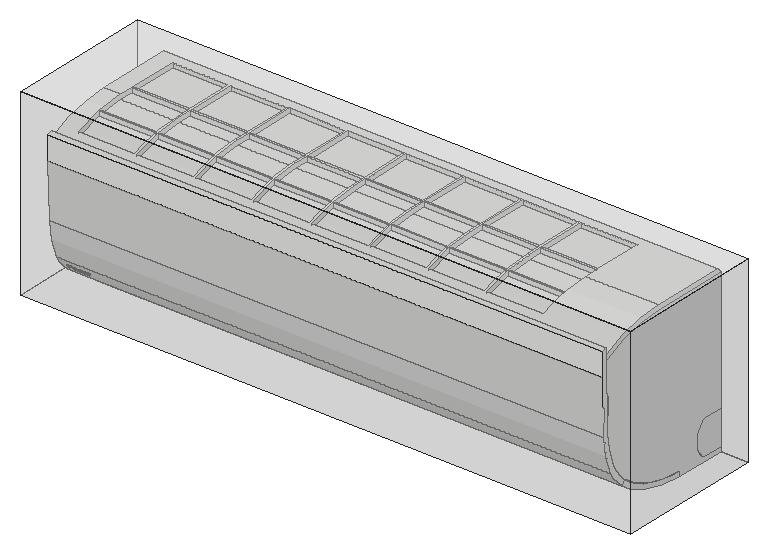
Revit family "outputfile", category 機械設備, Revit 2024 (continued)
Definition of nested family "DAIKIN_indoorunit_FTXF-W2VMA"
  Automatic sketch dimensions
    Extrusion 21 sketch curve to Extrusion 21 sketch curve = 0.483 mm
    Extrusion 21 sketch curve to Extrusion 21 sketch curve = 4.137 mm
    Extrusion 21 sketch curve to Extrusion 21 sketch curve = 31.393 mm
    Extrusion 21 sketch curve to Extrusion 21 sketch curve = 9.215 mm
    Extrusion 21 sketch curve to level = 8.0 mm
    Extrusion 22 sketch curve to plane 1 "Center (Front/Back)" = 0.0 mm
    Extrusion 22 sketch curve to Extrusion 22 sketch curve = 20.0 mm  (x2)
    Extrusion 22 sketch curve to level = 287.035 mm
    Extrusion 23 sketch curve to plane 1 "Center (Front/Back)" = 0.0 mm
    Extrusion 23 sketch curve to Extrusion 23 sketch curve = 20.0 mm  (x2)
    Extrusion 23 sketch curve to level = 287.035 mm
    plane 1 "Center (Front/Back)" to Extrusion 24 sketch curve = 0.0 mm  (x2)
    plane 3 "Center (Left/Right)" to Extrusion 24 sketch curve = 469.0 mm
    Extrusion 24 sketch curve to Extrusion 24 sketch curve = 20.0 mm  (x4)
    Extrusion 24 sketch curve to plane 3 "Center (Left/Right)" = 409.0 mm
  Nested families
    nested 1: "daikin_logo_plane_w40" at (-320, -198.871, -233.244) x (1, 0, 0) z (0, -0.7841, -0.6206), visible <- "switch_unit1_20-50", type "daikin_logo_plane_w40"
      with show_logo yes
    nested 2: "daikin_logo_plane_w40" at (-430, -237.74, -233.244) x (1, 0, 0) z (0, -0.7841, -0.6206), visible <- "switch_unit1_60-71", type "daikin_logo_plane_w40"
      with show_logo yes
  Definition of nested family "daikin_logo_plane_w40"
    Parameters (values of type "daikin_logo_plane_w40")
      width = 40.0 mm
      show_logo [instance] = yes
      material = none
      height = 0.0 mm
      depth = 0.0 mm
      Default Elevation = 1219.2 mm
    Reference planes
      plane 1 "Center (Front/Back)": y = 0
      plane 2: z = 0
      plane 3 "Center (Left/Right)": x = 0
      plane 4: z = 2
      plane 5 "left": x = -19
      plane 6: x = 19
    Forms (mm)
      Extrusion 1, solid, visible <- "show_logo"
        sketch origin (-19, 0, 0) x (1, 0, 0) y (0, 1, 0)
          loop
            line (8.902, -1.878) -> (7.789, -6.332) -> (11.13, -6.332)
            arc (11.13, -6.332) -> (12.454, -6.064) -> (13.472, -5.176) r 2.642
            arc (13.472, -5.176) -> (13.92, -4.02) -> (13.767, -2.79) r 2.537
            arc (13.767, -2.79) -> (13.452, -2.342) -> (12.982, -2.06) r 1.321
            arc (12.982, -2.06) -> (12.063, -1.902) -> (11.13, -1.878) r 6.479
            line (11.13, -1.878) -> (8.902, -1.878)
          loop
            line (10.016, -5.441) -> (10.907, -5.441)
            arc (10.907, -5.441) -> (11.591, -4.983) -> (11.988, -4.261) r 1.742
            spline (11.988, -4.261) -> (12.01, -4.155) -> (12.027, -4.03) -> (12.037, -3.893) -> (12.037, -3.747) -> (12.026, -3.598) -> (12.002, -3.451) -> (11.962, -3.31) -> (11.905, -3.181) -> (11.829, -3.069) -> (11.731, -2.978) -> (11.61, -2.913) -> (11.464, -2.88)
            line (11.464, -2.88) -> (10.573, -2.88) -> (10.016, -5.441)
          loop
            line (13.58, -6.332) -> (14.805, -6.332) -> (15.223, -5.553) -> (16.977, -5.553) -> (17.144, -6.332) -> (19.149, -6.332) -> (18.258, -1.878) -> (16.03, -1.878) -> (13.58, -6.332)
          loop
            line (16.476, -3.214) -> (15.76, -4.551) -> (16.762, -4.551) -> (16.476, -3.214)
          loop
            line (19.705, -6.332) -> (21.599, -6.332) -> (22.712, -1.878) -> (20.819, -1.878) -> (19.705, -6.332)
          loop
            line (22.712, -6.332) -> (24.606, -6.332) -> (24.908, -5.122) -> (25.831, -6.332) -> (28.17, -6.332) -> (26.388, -3.994) -> (28.949, -1.878) -> (26.945, -1.878) -> (25.401, -3.153) -> (25.719, -1.878) -> (23.826, -1.878) -> (22.712, -6.332)
          loop
            line (29.84, -1.878) -> (28.615, -6.332) -> (30.62, -6.332) -> (31.734, -1.878) -> (29.84, -1.878)
          loop
            line (31.734, -6.332) -> (33.07, -6.332) -> (33.7, -3.814) -> (34.518, -6.332) -> (36.745, -6.332) -> (37.859, -1.878) -> (36.523, -1.878) -> (35.845, -4.589) -> (34.963, -1.878) -> (32.847, -1.878) -> (31.734, -6.332)
        from 0 to 2
      Extrusion 2, solid, visible <- "show_logo"
        sketch origin (-19, 0, 0) x (1, 0, 0) y (0, 1, 0)
          loop
            line (8.7, 0) -> (4.235, 0) -> (0, -3.879) -> (0, -8) -> (8.7, 0)
        from 0 to 2
      Extrusion 3, solid, visible <- "show_logo"
        sketch origin (-19, 0, 0) x (1, 0, 0) y (0, 1, 0)
          loop
            line (0, 0) -> (0, -3.879) -> (4.235, 0) -> (0, 0)
        from 0 to 2
    Dimensions and locks
      plane 4 to plane 2 = 2.0 mm
      equal spacing: plane 5 "left", plane 3 "Center (Left/Right)", plane 6
      locked: plane 5 "left" to plane 6 at 38
      aligned and locked: level to plane 2
      aligned and locked: Extrusion 3 to plane 1 "Center (Front/Back)"  (x2)
      aligned and locked: Extrusion 2 to plane 1 "Center (Front/Back)"  (x2)
      aligned and locked: plane 4 to Extrusion 1
      aligned and locked: plane 4 to Extrusion 3
      aligned and locked: plane 4 to Extrusion 2
      aligned and locked: Extrusion 3 to plane 5 "left"
      aligned and locked: Extrusion 2 to plane 5 "left"
    Automatic sketch dimensions
      Extrusion 1 sketch curve to Extrusion 1 sketch curve = 0.901 mm
      Extrusion 1 sketch curve to Extrusion 1 sketch curve = 1.559 mm
      Extrusion 1 sketch curve to Extrusion 1 sketch curve = 1.327 mm
      Extrusion 1 sketch curve to Extrusion 1 sketch curve = 2.145 mm
      Extrusion 1 sketch curve to Extrusion 1 sketch curve = 1.448 mm
      Extrusion 1 sketch curve to Extrusion 1 sketch curve = 2.116 mm
      Extrusion 1 sketch curve to Extrusion 1 sketch curve = 1.114 mm  (x4)
      Extrusion 1 sketch curve to Extrusion 1 sketch curve = 1.336 mm  (x2)
      plane 1 "Center (Front/Back)" to Extrusion 1 sketch curve = 1.878 mm  (x5)
      Extrusion 1 sketch curve to Extrusion 1 sketch curve = 1.893 mm  (x5)
      Extrusion 1 sketch curve to Extrusion 1 sketch curve = 0.891 mm  (x4)
      Extrusion 1 sketch curve to Extrusion 1 sketch curve = 2.005 mm  (x3)
      Extrusion 1 sketch curve to Extrusion 1 sketch curve = 0.445 mm  (x2)
      plane 1 "Center (Front/Back)" to Extrusion 1 sketch curve = 3.994 mm
      Extrusion 1 sketch curve to Extrusion 1 sketch curve = 0.557 mm  (x2)
      Extrusion 1 sketch curve to Extrusion 1 sketch curve = 2.339 mm  (x2)
      Extrusion 1 sketch curve to Extrusion 1 sketch curve = 1.225 mm  (x3)
      plane 1 "Center (Front/Back)" to Extrusion 1 sketch curve = 3.153 mm
      Extrusion 1 sketch curve to Extrusion 1 sketch curve = 0.987 mm
      plane 1 "Center (Front/Back)" to Extrusion 1 sketch curve = 5.122 mm
      Extrusion 1 sketch curve to Extrusion 1 sketch curve = 0.922 mm
      plane 1 "Center (Front/Back)" to Extrusion 1 sketch curve = 6.332 mm
      Extrusion 1 sketch curve to Extrusion 1 sketch curve = 2.562 mm
      plane 1 "Center (Front/Back)" to Extrusion 1 sketch curve = 5.553 mm
      Extrusion 1 sketch curve to Extrusion 1 sketch curve = 0.167 mm
      Extrusion 1 sketch curve to Extrusion 1 sketch curve = 0.215 mm
      plane 1 "Center (Front/Back)" to Extrusion 1 sketch curve = 3.214 mm
      Extrusion 1 sketch curve to Extrusion 1 sketch curve = 0.286 mm
      plane 1 "Center (Front/Back)" to Extrusion 1 sketch curve = 4.551 mm
      Extrusion 1 sketch curve to Extrusion 1 sketch curve = 1.002 mm
      Extrusion 1 sketch curve to Extrusion 1 sketch curve = 0.537 mm
      Extrusion 1 sketch curve to Extrusion 1 sketch curve = 0.418 mm
      Extrusion 1 sketch curve to Extrusion 1 sketch curve = 1.028 mm
      plane 1 "Center (Front/Back)" to Extrusion 1 sketch curve = 4.261 mm
      Extrusion 1 sketch curve to Extrusion 1 sketch curve = 0.563 mm
      plane 1 "Center (Front/Back)" to Extrusion 1 sketch curve = 2.88 mm
      Extrusion 1 sketch curve to Extrusion 1 sketch curve = 1.088 mm
      Extrusion 1 sketch curve to Extrusion 1 sketch curve = 2.152 mm
      Extrusion 1 sketch curve to Extrusion 1 sketch curve = 0.586 mm
      Extrusion 1 sketch curve to Extrusion 1 sketch curve = 0.118 mm
      Extrusion 1 sketch curve to Extrusion 1 sketch curve = 0.298 mm
      Extrusion 1 sketch curve to Extrusion 1 sketch curve = 0.334 mm
      Extrusion 1 sketch curve to Extrusion 1 sketch curve = 0.223 mm
      Extrusion 1 sketch curve to Extrusion 1 sketch curve = 0.266 mm
      Extrusion 1 sketch curve to Extrusion 1 sketch curve = 1.671 mm
      Extrusion 1 sketch curve to Extrusion 1 sketch curve = 2.227 mm
      Extrusion 1 sketch curve to Extrusion 1 sketch curve = 0.0 mm  (x7)
      Extrusion 1 sketch curve to Extrusion 1 sketch curve = 3.453 mm
      Extrusion 1 sketch curve to Extrusion 1 sketch curve = 2.017 mm
      Extrusion 1 sketch curve to Extrusion 1 sketch curve = 0.78 mm  (x2)
      Extrusion 1 sketch curve to Extrusion 1 sketch curve = 1.743 mm
      Extrusion 1 sketch curve to Extrusion 1 sketch curve = 0.775 mm
      Extrusion 1 sketch curve to Extrusion 1 sketch curve = 0.552 mm
      Extrusion 1 sketch curve to Extrusion 1 sketch curve = 0.014 mm
      Extrusion 1 sketch curve to Extrusion 1 sketch curve = 0.952 mm
      Extrusion 1 sketch curve to Extrusion 1 sketch curve = 1.215 mm
      Extrusion 1 sketch curve to Extrusion 1 sketch curve = 0.108 mm
      plane 1 "Center (Front/Back)" to Extrusion 2 sketch curve = 0.0 mm
      Extrusion 2 sketch curve to plane 3 "Center (Left/Right)" = 19.0 mm
      Extrusion 2 sketch curve to plane 3 "Center (Left/Right)" = 14.765 mm
      Extrusion 2 sketch curve to Extrusion 2 sketch curve = 4.465 mm
      plane 1 "Center (Front/Back)" to Extrusion 2 sketch curve = 3.879 mm
      Extrusion 2 sketch curve to Extrusion 2 sketch curve = 4.12 mm
      plane 1 "Center (Front/Back)" to Extrusion 3 sketch curve = 0.0 mm
      Extrusion 3 sketch curve to plane 3 "Center (Left/Right)" = 19.0 mm
      Extrusion 3 sketch curve to plane 3 "Center (Left/Right)" = 14.765 mm
      plane 1 "Center (Front/Back)" to Extrusion 3 sketch curve = 3.879 mm
      Extrusion 1 sketch curve to plane 3 "Center (Left/Right)" = 11.211 mm
      Extrusion 1 sketch curve to Extrusion 1 sketch curve = 1.782 mm
Definition of nested family "daikin_connector_rotate3"
  Parameters (values of type "daikin_connector_rotate3")
    show [instance] = yes
    radius [instance] = 10.0 mm
    length [instance] = 600.0 mm
    angle_horizontal [instance] = 60.00°
    angle_vertical [instance] = 90.00°
    Default Elevation = 1219.2 mm
  Reference planes
    plane 1 "Center (Front/Back)": y = 0
    plane 2: z = 0
    plane 3 "Center (Left/Right)": x = 0
  Dimensions and locks
    "angle_horizontal": angle plane 3 "Center (Left/Right)" to nested 1
    aligned and locked: level to plane 2
    aligned and locked: plane 1 "Center (Front/Back)" to nested 1  (x2)
    aligned and locked: plane 3 "Center (Left/Right)" to nested 1
  Nested families
    nested 1: "daikin_connector_rotate2" at (0, 0, 0) x (0.5, 0.866, 0) z (0, 0, 1), angle_vertical <- "angle_vertical", length <- "length", radius <- "radius", type "daikin_connector_rotate2"
      with radius 10.0 mm, length 600.0 mm, angle_vertical 90.00°
  Definition of nested family "daikin_connector_rotate2"
    Parameters (values of type "daikin_connector_rotate2")
      show_face = yes
      radius [instance] = 10.0 mm
      length [instance] = 600.0 mm
      d_surface = 10.0 mm
      angle_vertical [instance] = 90.00°
      Default Elevation = 0.0 mm
    Reference planes
      plane 1 "Center (Front/Back)": y = 0
      plane 2: z = 0
      plane 3 "Center (Left/Right)": x = 0
    Forms (mm)
      Extrusion 1, solid, visible <- "show_face"
        sketch origin (0, -600, 0) x (1, 0, 0) y (0, 0, 1)
          loop
            circle (0, 0) r 10
        from 0 to -10
    Lines and regions (mm)
      reference lines
        curve 1: line (0, 0, 0) -> (0, -600, 0)
      symbolic lines
        curve 2: circle (0, 0, 0) r 5 normal (0, 0, 1)
      model lines, visible <- "show_face"
        curve 3: line (0, 0, 0) -> (0, -600, 0)
    Dimensions and locks
      "length": curve 1 to curve 1
      "length": curve 3 to curve 3
      "d_surface": Extrusion 1 to Extrusion 1
      "radius": radius of Extrusion 1 sketch curve
      "angle_vertical": angle curve 1 to plane 1 "Center (Front/Back)"
      "angle_vertical": angle curve 3 to plane 1 "Center (Front/Back)"
      aligned and locked: level to plane 2
      aligned and locked: plane 1 "Center (Front/Back)" to curve 1
      aligned and locked: plane 2 to curve 1
      aligned and locked: plane 1 "Center (Front/Back)" to curve 2
      aligned and locked: plane 3 "Center (Left/Right)" to curve 2
      aligned and locked: plane 1 "Center (Front/Back)" to curve 3
      aligned and locked: plane 2 to curve 3
      aligned and locked: Extrusion 1 to Extrusion 1
    Automatic sketch dimensions
      Extrusion 1 sketch curve to level = 0.0 mm
      Extrusion 1 sketch curve to plane 3 "Center (Left/Right)" = 0.0 mm
      radius of curve 2 = 5.0 mm
